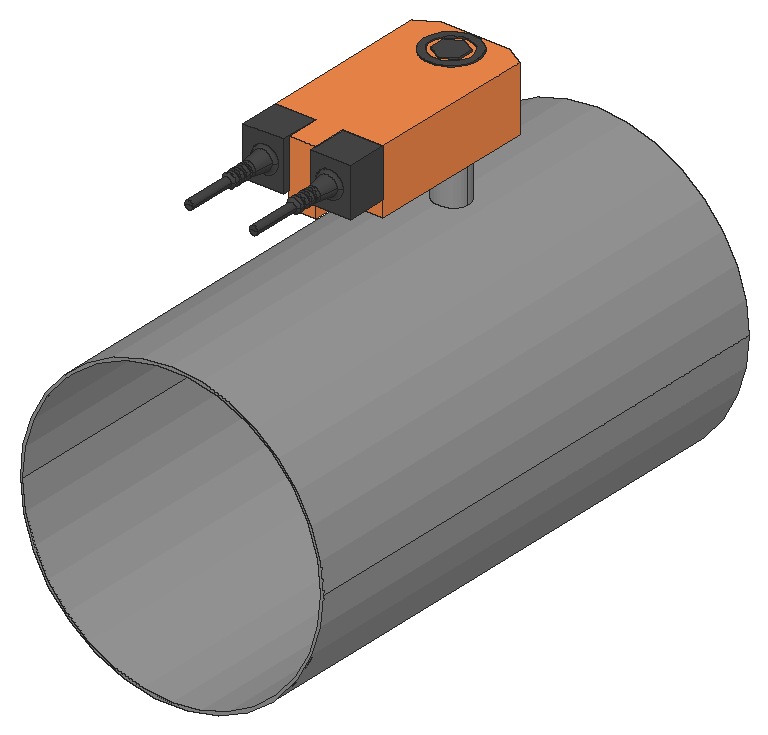
Revit family "Канальный круглый SVK1-НО-ЕI60-MS220 28.08.25", category Арматура воздуховодов, Revit 2022
Family settings
  Размер круглого соединителя = Использовать диаметр
  Тип детали = Вставляется
  На основе рабочей плоскости = Нет
  Всегда вертикально = Да
  При загрузке вырезать с полостями = Нет
  Общий = Да
Parameters (values of type "Клапан противопожарный SVK1-НО-ЕI60-C-225N-GO-H-MS220-0-0")
  Скорость воздуха в живом сечении [instance] = ADSK_Расход воздуха / Площадь живого сечения  # 2.44738 m/s
  Скорость в канале [instance] = ADSK_Расход воздуха / (ADSK_Диаметр условный * ADSK_Диаметр условный * 3.14 / 4)  # 1.39795 m/s
  Привод внутри/снаружи [instance] = yes
  Площадь живого сечения [instance] = 0.0227 m²
  Плотность воздуха [instance] = 1.2000 kg/m³  # constant formula
  Отметка по умолчанию = 0 mm
  Материал привода = Пластмасса,оранжевый
  Материал = Сталь
  КМС [instance] = 0.72
  Длина = 394 mm  # constant formula
  Диаметр = 225 mm
  Д2 = Диаметр - 4 mm  # 221 mm
  Вылет заслонки [instance] = yes
  Ld = 135 mm  # constant formula
  Hd = Диаметр / 2 + 97 mm  # 209.5 mm
  D/2 = Диаметр / 2  # 112.5 mm
  ADSK_Ток = 0.03 A  # constant formula
  ADSK_Расход воздуха [instance] = 200.0 m³/h
  ADSK_Примечание [instance] = ""
  ADSK_Предел огнестойкости = "60"  # constant formula
  ADSK_Потеря давления воздуха [instance] = КМС * ((Плотность воздуха * Скорость в канале * Скорость в канале) / 2)  # 0.844247 Pa
  ADSK_Полная мощность = ADSK_Ток * ADSK_Напряжение  # 6.6 VA
  ADSK_Позиция на схеме [instance] = ""
  ADSK_Позиция [instance] = ""
  ADSK_Обозначение = "SVK1-НО-ЕI60-C-225N-GO-H-MS220-0-0"
  ADSK_Номинальная мощность = 1000 W
  ADSK_Номер стояка [instance] = ""
  ADSK_Напряжение = 220 V  # constant formula
  ADSK_Наименование краткое = "SVK1-НО-ЕI60-MS220"
  ADSK_Наименование = "Противопожарный нормально открытый клапан круглого сечения"  # constant formula
  ADSK_Материал обозначение = ""
  ADSK_Материал наименование = ""
  ADSK_Масса_Текст = "1"
  ADSK_Масса = 1
  ADSK_Марка = "SVK1-НО-ЕI60-MS220"  # constant formula
  ADSK_Коэффициент мощности = 1
  ADSK_Количество фаз числовое = 1  # constant formula
  ADSK_Количество фаз = 1  # constant formula
  ADSK_Количество = 1  # constant formula
  ADSK_Код изделия = "SVK1-НО-ЕI60-MS220"  # constant formula
  ADSK_Классификация нагрузок = ОВК
  ADSK_Завод-изготовитель = "WAER"  # constant formula
  ADSK_Единица измерения = "шт."  # constant formula
  ADSK_Диаметр условный = Диаметр  # 225 mm
  ADSK_URL страницы изделия = ""
  ADSK_URL документации изделия = ""
  0.9D = Диаметр * 0.8 / 2  # 90 mm
Types (10, lengths in mm): name | Скорость воздуха в живом сечении | Скорость в канале | Площадь живого сечения | КМС | Диаметр | Д2 | Hd | D/2 | ADSK_Расход воздуха | ADSK_Потеря давления воздуха | ADSK_Обозначение | ADSK_Номинальная мощность | ADSK_Диаметр условный | 0.9D
  Клапан противопожарный SVK1-НО-ЕI60-C-315N-GO-H-MS220-0-0 | 1.62127 m/s | 1.06986 m/s | 0.0514 m² | 0.26 | 315 | 311 | 254.5 | 157.5 | 300.0 m³/h | 0.178559 Pa | "SVK1-НО-ЕI60-C-315N-GO-H-MS220-0-0" | 1000 W | 315 | 126
  Клапан противопожарный SVK1-НО-ЕI60-C-280N-GO-H-MS220-0-0 | 2.10438 m/s | 1.35404 m/s | 0.0396 m² | 0.34 | 280 | 276 | 237 | 140 | 300.0 m³/h | 0.374021 Pa | "SVK1-НО-ЕI60-C-280N-GO-H-MS220-0-0" | 1000 W | 280 | 112
  Клапан противопожарный SVK1-НО-ЕI60-C-250N-GO-H-MS220-0-0 | 1.88964 m/s | 1.13234 m/s | 0.0294 m² | 0.40 | 250 | 246 | 222 | 125 | 200.0 m³/h | 0.307728 Pa | "SVK1-НО-ЕI60-C-250N-GO-H-MS220-0-0" | 1000 W | 250 | 100
  Клапан противопожарный SVK1-НО-ЕI60-C-225N-GO-H-MS220-0-0 | 2.44738 m/s | 1.39795 m/s | 0.0227 m² | 0.72 | 225 | 221 | 209.5 | 112.5 | 200.0 m³/h | 0.844247 Pa | "SVK1-НО-ЕI60-C-225N-GO-H-MS220-0-0" | 1000 W | 225 | 90
  Клапан противопожарный SVK1-НО-ЕI60-C-200N-GO-H-MS220-0-0 | 6.94444 m/s | 3.53857 m/s | 0.016 m² | 1.03 | 200 | 196 | 197 | 100 | 400.0 m³/h | 7.73828 Pa | "SVK1-НО-ЕI60-C-200N-GO-H-MS220-0-0" | 0 W | 200 | 80
  Клапан противопожарный SVK1-НО-ЕI60-C-180N-GO-H-MS220-0-0 | 4.51671 m/s | 2.1843 m/s | 0.0123 m² | 1.68 | 180 | 176 | 187 | 90 | 200.0 m³/h | 4.80935 Pa | "SVK1-НО-ЕI60-C-180N-GO-H-MS220-0-0" | 1000 W | 180 | 72
  Клапан противопожарный SVK1-НО-ЕI60-C-160N-GO-H-MS220-0-0 | 3.22997 m/s | 1.38225 m/s | 0.0086 m² | 2.32 | 160 | 156 | 177 | 80 | 100.0 m³/h | 2.65959 Pa | "SVK1-НО-ЕI60-C-160N-GO-H-MS220-0-0" | 1000 W | 160 | 64
  Клапан противопожарный SVK1-НО-ЕI60-C-140N-GO-H-MS220-0-0 | 4.2735 m/s | 1.80539 m/s | 0.0065 m² | 2.53 | 140 | 136 | 167 | 70 | 100.0 m³/h | 4.94784 Pa | "SVK1-НО-ЕI60-C-140N-GO-H-MS220-0-0" | 1000 W | 140 | 56
  Клапан противопожарный SVK1-НО-ЕI60-C-125N-GO-H-MS220-0-0 | 11.1111 m/s | 4.52937 m/s | 0.005 m² | 2.68 | 125 | 121 | 159.5 | 62.5 | 200.0 m³/h | 32.9884 Pa | "SVK1-НО-ЕI60-C-125N-GO-H-MS220-0-0" | 1000 W | 125 | 50
  Клапан противопожарный SVK1-НО-ЕI60-C-100N-GO-H-MS220-0-0 | 6.94444 m/s | 3.53857 m/s | 0.004 m² | 2.85 | 100 | 96 | 147 | 50 | 100.0 m³/h | 21.4117 Pa | "SVK1-НО-ЕI60-C-100N-GO-H-MS220-0-0" | 1000 W | 100 | 40
Reference planes
  plane 1 "По центру (Вперед/Назад)": y = 0
  plane 2: z = 0
  plane 3 "По центру (Влево/Вправо)": x = 0
  plane 4: y = 197
  plane 5: y = -197
  plane 6: y = -187
  plane 7: y = 187
  plane 8: z = 160.5
  plane 9: z = 209.5
  plane 10 "заслонка": y = 62
  plane 11: z = 90
Forms (mm)
  Extrusion 1, solid, material "Сталь" <- "Материал", detail levels medium+fine
    sketch origin (0, 0, 0) x (1, 0, 0) y (0, 0, 1)
      loop
        circle (0, 0) r 112.5
      loop
        circle (0, 0) r 110.5
    from -197 to 197
  Extrusion 2, solid, material "Сталь" <- "Материал", detail levels medium+fine
    sketch origin (0, 0, 0) x (1, 0, 0) y (0, 1, 0)
      loop
        circle (0, 62) r 12.5
    from 90 to 160.5
  Extrusion 3, solid, visible <- "Вылет заслонки", detail levels medium+fine
    sketch origin (0, 0, 0) x (0, 1, 0) y (0, 0, 1)
      loop
        circle (62, 0) r 110.5
    from -3 to 3
Dimensions and locks
  equal spacing: plane 4, plane 1 "По центру (Вперед/Назад)", plane 5
  "Длина": plane 4 to plane 5
  equal spacing: plane 7, plane 1 "По центру (Вперед/Назад)", plane 6
  plane 4 to plane 7 = 10 mm
  locked: plane 9 to plane 8 at 49
  plane 4 to plane 10 "заслонка" = 135 mm
  "0.9D": plane 11 to level
  "Hd": plane 9 to level
  "Ld": plane 10 "заслонка" to plane 4
  "Диаметр": diameter of Extrusion 1 sketch curve
  "Д2": diameter of Extrusion 1 sketch curve
  diameter of Extrusion 2 sketch curve = 25 mm
  "Д2": diameter of Extrusion 3 sketch curve
  aligned and locked: level to plane 2
  aligned and locked: Extrusion 1 to plane 4
  aligned and locked: plane 5 to Extrusion 1
  aligned and locked: plane 3 "По центру (Влево/Вправо)" to nested 1
  aligned and locked: plane 1 "По центру (Вперед/Назад)" to nested 1
  aligned and locked: plane 3 "По центру (Влево/Вправо)" to Extrusion 1 sketch curve
  aligned and locked: level to Extrusion 1 sketch curve
  aligned and locked: plane 9 to nested 2
  aligned and locked: nested 2 to plane 3 "По центру (Влево/Вправо)"
  aligned and locked: nested 2 to plane 10 "заслонка"
  aligned and locked: plane 3 "По центру (Влево/Вправо)" to Extrusion 2 sketch curve
  aligned and locked: Extrusion 2 to plane 11
  aligned and locked: plane 8 to Extrusion 2
  aligned and locked: plane 10 "заслонка" to Extrusion 2 sketch curve
Automatic sketch dimensions
  Extrusion 1 sketch curve to Extrusion 1 sketch curve = 0 mm  (x2)
  Extrusion 3 sketch curve to level = 0 mm
  Extrusion 3 sketch curve to plane 10 "заслонка" = 0 mm
Nested families
  nested 1: "УГО Дымовой и противопожарный клапан" at (0, 0, 0), type "УГО Дымовой и противопожарный клапан", detail levels coarse
  nested 2: "Электропривод" at (0, 62, 161.5) x (-1, 0, 0) z (0, 0, 1), visible <- "Привод внутри/снаружи", type "MS220", detail levels medium+fine
    with ADSK_Примечание "", ADSK_Позиция ""
Connectors
  hvac at (0, -197, 0), driven by "Диаметр", driven by "ADSK_Потеря давления воздуха", driven by "ADSK_Расход воздуха"
    settings: on Extrusion 1, index 1, duct flow 200.0 m³/h, flow factor 0, pres drop 0.844247 Pa, loss coef 0, conn angle 0.00°, conn width 304.8 mm, conn height 304.8 mm, conn diameter 225 mm, duct sys type 29, conn prof type 0, flow config 0, flow direction 0, loss method 4, conn ref index 2, conn util no, is conn primary yes, conn desc ""
  hvac at (0, 197, 0), driven by "Диаметр", driven by "ADSK_Потеря давления воздуха", driven by "ADSK_Расход воздуха"
    settings: on Extrusion 1, index 2, duct flow 200.0 m³/h, flow factor 0, pres drop 0.844247 Pa, loss coef 0, conn angle 0.00°, conn width 304.8 mm, conn height 304.8 mm, conn diameter 225 mm, duct sys type 29, conn prof type 0, flow config 0, flow direction 0, loss method 4, conn ref index 1, conn util no, is conn primary no, conn desc ""
  electrical at (24, -81, 191.5)
    settings: on nested 2, index 3, voltage 0 V, apparent load 0 VA, apparent load phase1 0 VA, apparent load phase2 0 VA, apparent load phase3 0 VA, power factor 1, load classification "Прочее", number of poles 1, system type 13, power factor state 1, is connector primary yes, connector utility no, sub classification motor no, connector description ""
Definition of nested family "Электропривод"
  Parameters (values of type "BFL24")
    Ширина центра = 50 mm
    Соединение = "1 м, 2 × 0,75 мм2"
    Default Elevation = 0 mm
    Description = "с пружинным возвратом/конденсатором"  # constant formula
    Межосевое подключение = 48 mm
    Корпус_x = none
    Клеммы = none
    Звездочка = Высота + 1 mm  # 49 mm
    Длина корпуса = 160 mm
    ГШ = 80 mm
    Высота = 48 mm
    Выс подкл = Высота - 18 mm  # 30 mm
    ADSK_Ток = 8.3 A
    ADSK_Примечание [instance] = ""
    ADSK_Предел огнестойкости = ""
    ADSK_Полная мощность = 4 VA
    ADSK_Позиция [instance] = ""
    ADSK_Обозначение = ""
    ADSK_Номинальная мощность = 2.5 W
    ADSK_Напряжение = 24 V
    ADSK_Наименование краткое = ""
    ADSK_Наименование = ""
    ADSK_Материал обозначение = ""
    ADSK_Материал наименование = ""
    ADSK_Масса_Текст = "1,1 кг"
    ADSK_Масса = 1.1  # constant formula
    ADSK_Марка = "BFL24"  # constant formula
    ADSK_Коэффициент мощности = 1
    ADSK_Количество фаз числовое = 1
    ADSK_Количество фаз = 1
    ADSK_Количество = 1  # constant formula
    ADSK_Код изделия = "BFL24"  # constant formula
    ADSK_Классификация нагрузок = none
    ADSK_Завод-изготовитель = "BELIMO"  # constant formula
    ADSK_Единица измерения = "шт."  # constant formula
    ADSK_URL страницы изделия = ""
    ADSK_URL документации изделия = ""
  Types (2, lengths in mm): name | ADSK_Ток | ADSK_Полная мощность | ADSK_Номинальная мощность | ADSK_Напряжение
    BFL230 | 4 A | 6.5 VA | 3 W | 230 V
    BFL24 | 8.3 A | 4 VA | 2.5 W | 24 V
  Reference planes
    plane 1 "По центру (Вперед/Назад)": y = 0
    plane 2: z = 0
    plane 3 "По центру (Влево/Вправо)": x = 0
    plane 4: y = -22
    plane 5: y = 138
    plane 6: x = -40
    plane 7: x = 40
    plane 8: x = -25
    plane 9: x = 25
    plane 10: y = 113
    plane 11: x = -40
    plane 12: x = 40
    plane 13: y = 143
    plane 14: z = 12
    plane 15: x = -24
    plane 16: x = 24
    plane 17: y = 213
    plane 18: y = 158
    plane 19: y = 178
    plane 20: y = 213
    plane 21: y = 158
    plane 22: y = 178
    plane 23: z = 30
  Forms (mm)
    Extrusion 1, solid, material <- "Корпус_x"
      sketch origin (0, 0, 0) x (1, 0, 0) y (0, 1, 0)
        loop
          line (-25, -22) -> (25, -22) -> (40, -13.34) -> (40, 113) -> (10, 113) -> (10, 138) -> (-10, 138) -> (-10, 113) -> (-40, 113) -> (-40, -13.34) -> (-25, -22)
      from 0 to 48 <- "Высота"
    Extrusion 2, solid, material <- "Клеммы"
      sketch origin (0, 0, 0) x (1, 0, 0) y (0, 1, 0)
        loop
          line (-40, 143) -> (-40, 113) -> (-10, 113) -> (-10, 143) -> (-40, 143)
        loop
          line (10, 143) -> (10, 113) -> (40, 113) -> (40, 143) -> (10, 143)
      from 12 to 48
    Extrusion 3, solid, material <- "Клеммы", detail levels fine
      sketch origin (0, 0, 0) x (1, 0, 0) y (0, 1, 0)
        loop
          circle (0, 0) r 20
        loop
          circle (0, 0) r 15
        loop
          line (10.43, -6.022) -> (10.43, 6.022) -> (0, 12.043) -> (-10.43, 6.022) -> (-10.43, -6.022) -> (0, -12.043) -> (10.43, -6.022)
      from 48 <- "Высота" to 49 <- "Звездочка"
    Revolve 4, solid, material <- "Клеммы"
      sketch origin (-101.895, -1524, 30) x (-1, 0, 0) y (0, -1, 0)
        loop
          line (-77.895, -1667) -> (-77.895, -1737) -> (-74.82, -1737) -> (-74.82, -1702) -> (-72.813, -1699.633) -> (-72.813, -1697.089) -> (-74.82, -1697.089) -> (-74.82, -1694.582) -> (-72.813, -1694.582) -> (-72.813, -1692.082) -> (-74.82, -1692.082) -> (-74.82, -1689.54) -> (-72.813, -1689.54) -> (-72.813, -1686.997) -> (-74.82, -1686.997) -> (-74.82, -1684.455) -> (-72.813, -1684.455) -> (-72.813, -1682) -> (-70.754, -1669.002)
          arc (-70.754, -1669.002) -> (-69.64, -1667.55) -> (-67.895, -1667) r 3.043
          line (-67.895, -1667) -> (-77.895, -1667)
        axis (-77.895, -1737) -> (-77.895, -1667)
      angle from 0 to 360
    Revolve 5, solid, material <- "Клеммы"
      sketch origin (-101.895, -1524, 30) x (-1, 0, 0) y (0, -1, 0)
        loop
          line (-125.895, -1667) -> (-125.895, -1737) -> (-122.82, -1737) -> (-122.82, -1702) -> (-120.813, -1699.633) -> (-120.813, -1697.089) -> (-122.82, -1697.089) -> (-122.82, -1694.582) -> (-120.813, -1694.582) -> (-120.813, -1692.082) -> (-122.82, -1692.082) -> (-122.82, -1689.54) -> (-120.813, -1689.54) -> (-120.813, -1686.997) -> (-122.82, -1686.997) -> (-122.82, -1684.455) -> (-120.813, -1684.455) -> (-120.813, -1682) -> (-118.754, -1669.002)
          arc (-118.754, -1669.002) -> (-117.64, -1667.55) -> (-115.895, -1667) r 3.043
          line (-115.895, -1667) -> (-125.895, -1667)
        axis (-125.895, -1737) -> (-125.895, -1667)
      angle from 0 to 360
  Dimensions and locks
    plane 4 to plane 1 "По центру (Вперед/Назад)" = 22 mm
    "Длина корпуса": plane 5 to plane 4
    equal spacing: plane 6, plane 3 "По центру (Влево/Вправо)", plane 7
    "ГШ": plane 6 to plane 7
    equal spacing: plane 8, plane 3 "По центру (Влево/Вправо)", plane 9
    "Ширина центра": plane 8 to plane 9
    plane 5 to plane 10 = 25 mm
    plane 13 to Extrusion 1 = 30 mm
    equal spacing: plane 11, plane 3 "По центру (Влево/Вправо)", plane 12
    "ГШ": plane 11 to plane 12
    Extrusion 1 to plane 14 = 36 mm
    equal spacing: plane 15, plane 3 "По центру (Влево/Вправо)", plane 16
    "Межосевое подключение": plane 15 to plane 16
    plane 17 to Extrusion 2 = 70 mm
    Extrusion 1 to plane 18 = 180 mm
    plane 17 to plane 19 = 35 mm
    plane 20 to plane 22 = 35 mm
    "Выс подкл": plane 23 to level
    angle plane 4 to Extrusion 1 sketch curve = 30.00°
    angle Extrusion 1 sketch curve to plane 4 = 30.00°
    aligned and locked: level to plane 2
    aligned and locked: Extrusion 1 sketch curve to plane 4
    aligned and locked: plane 7 to Extrusion 1 sketch curve  (x2)
    aligned and locked: plane 6 to Extrusion 1 sketch curve  (x2)
    aligned and locked: Extrusion 1 sketch curve to plane 10
    aligned and locked: plane 10 to Extrusion 1 sketch curve  (x3)
    aligned and locked: plane 5 to Extrusion 1 sketch curve  (x2)
    aligned and locked: Extrusion 2 sketch curve to plane 13  (x2)
    aligned and locked: plane 11 to Extrusion 2 sketch curve
    aligned and locked: Extrusion 2 sketch curve to Extrusion 1  (x2)
    aligned and locked: Extrusion 2 sketch curve to plane 12
    aligned and locked: Extrusion 2 to plane 14
    aligned and locked: Extrusion 2 to Extrusion 1
    aligned and locked: Extrusion 2 to Revolve 4 sketch curve
    aligned and locked: plane 15 to Revolve 4 sketch curve
    aligned and locked: Revolve 4 sketch curve to plane 17
    aligned and locked: plane 19 to Revolve 4 sketch curve
    aligned and locked: plane 18 to Revolve 4 sketch curve
    aligned and locked: Revolve 4 sketch curve to plane 15
    aligned and locked: Revolve 5 sketch curve to plane 20
    aligned and locked: plane 22 to Revolve 5 sketch curve
    aligned and locked: plane 21 to Revolve 5 sketch curve
  Automatic sketch dimensions
    Extrusion 3 sketch curve to Extrusion 3 sketch curve = 0 mm  (x2)
    Extrusion 3 sketch curve to plane 3 "По центру (Влево/Вправо)" = 0 mm  (x3)
    plane 1 "По центру (Вперед/Назад)" to Extrusion 3 sketch curve = 0 mm
    Extrusion 3 sketch curve to plane 3 "По центру (Влево/Вправо)" = 10.43 mm
    plane 3 "По центру (Влево/Вправо)" to Extrusion 3 sketch curve = 10.43 mm
    plane 1 "По центру (Вперед/Назад)" to Extrusion 3 sketch curve = 6.022 mm  (x2)
    plane 1 "По центру (Вперед/Назад)" to Extrusion 3 sketch curve = 12.043 mm
    Extrusion 3 sketch curve to plane 1 "По центру (Вперед/Назад)" = 6.022 mm  (x2)
    Extrusion 3 sketch curve to Extrusion 3 sketch curve = 6.022 mm
    Revolve 4 sketch curve to Revolve 4 sketch curve = 3.075 mm
    Revolve 4 sketch curve to plane 15 = 3.075 mm  (x2)
    Revolve 4 sketch curve to Revolve 4 sketch curve = 0 mm
    Revolve 4 sketch curve to Revolve 4 sketch curve = 2.007 mm  (x4)
    Revolve 4 sketch curve to plane 15 = 7.141 mm
    Revolve 4 sketch curve to Revolve 4 sketch curve = 2.859 mm
    Revolve 4 sketch curve to plane 19 = 2.367 mm
    Revolve 4 sketch curve to Revolve 4 sketch curve = 2.544 mm
    Revolve 4 sketch curve to Revolve 4 sketch curve = 2.507 mm
    Revolve 4 sketch curve to Revolve 4 sketch curve = 2.5 mm
    Revolve 4 sketch curve to Revolve 4 sketch curve = 2.542 mm  (x2)
    plane 18 to Revolve 4 sketch curve = 2.455 mm
    Revolve 4 sketch curve to Revolve 4 sketch curve = 3.043 mm
    Revolve 4 sketch curve to Revolve 4 sketch curve = 10.122 mm
    Revolve 4 sketch curve to Revolve 4 sketch curve = 41.798 mm
    Revolve 5 sketch curve to plane 16 = 0 mm  (x2)
    Revolve 5 sketch curve to Revolve 5 sketch curve = 3.075 mm
    Revolve 5 sketch curve to plane 16 = 3.075 mm  (x2)
    Revolve 5 sketch curve to Revolve 5 sketch curve = 0 mm
    Revolve 5 sketch curve to Revolve 5 sketch curve = 2.007 mm  (x4)
    Revolve 5 sketch curve to plane 16 = 7.141 mm
    Revolve 5 sketch curve to Revolve 5 sketch curve = 2.859 mm
    Revolve 5 sketch curve to plane 22 = 2.367 mm
    Revolve 5 sketch curve to Revolve 5 sketch curve = 2.544 mm
    Revolve 5 sketch curve to Revolve 5 sketch curve = 2.507 mm
    Revolve 5 sketch curve to Revolve 5 sketch curve = 2.5 mm
    Revolve 5 sketch curve to Revolve 5 sketch curve = 2.542 mm  (x2)
    plane 21 to Revolve 5 sketch curve = 2.455 mm
    Revolve 5 sketch curve to plane 21 = 11.957 mm
    Revolve 5 sketch curve to Revolve 5 sketch curve = 1.041 mm
    Revolve 5 sketch curve to Revolve 5 sketch curve = 10.122 mm
    Revolve 5 sketch curve to Revolve 5 sketch curve = 41.798 mm
    Extrusion 1 sketch curve to plane 8 = 0 mm
    Extrusion 1 sketch curve to plane 9 = 0 mm
    Extrusion 1 sketch curve to plane 3 "По центру (Влево/Вправо)" = 10 mm
    plane 3 "По центру (Влево/Вправо)" to Extrusion 1 sketch curve = 10 mm
    Extrusion 2 sketch curve to plane 3 "По центру (Влево/Вправо)" = 10 mm
    plane 3 "По центру (Влево/Вправо)" to Extrusion 2 sketch curve = 10 mm
    radius of Extrusion 3 sketch curve = 20 mm
    radius of Extrusion 3 sketch curve = 15 mm
Definition of nested family "УГО Дымовой и противопожарный клапан"
  Parameters (values of type "УГО Дымовой и противопожарный клапан")
    Ширина = 560 mm
    Угол = atan(Высота / Ширина)  # 32.0054°
    Рад = Д / 2  # 43.75 mm
    Отступ2 = Рад / cos(Угол)  # 51.592 mm
    Отступ1 = Рад / sin(Угол)  # 82.547 mm
    Default Elevation = 0 mm
    Д = Высота * 0.25  # 87.5 mm
    Высота = 350 mm
  Reference planes
    plane 1 "По центру (Вперед/Назад)": y = 0
    plane 2: z = 0
    plane 3 "По центру (Влево/Вправо)": x = 0
    plane 4: x = -280
    plane 5: y = -175
    plane 6: x = 280
    plane 7: y = 175
    plane 8: x = 197.453
    plane 9: x = -197.453
    plane 10: y = 123.408
    plane 11: y = -123.408
  Lines and regions (mm)
    model lines
      curve 1: line (-280, 175, 0) -> (280, 175, 0)
      curve 2: line (-280, -175, 0) -> (-280, 175, 0)
      curve 3: line (280, -175, 0) -> (-280, -175, 0)
      curve 4: line (280, 175, 0) -> (280, -175, 0)
      curve 5: circle (0, 0, 0) r 43.75 normal (0, 0, 1)
      curve 6: line (-280, 175, 0) -> (280, -175, 0)
      curve 7: line (197.453, -175, 0) -> (-280, 123.408, 0)
      curve 8: line (280, -123.408, 0) -> (-197.453, 175, 0)
  Dimensions and locks
    equal spacing: plane 7, plane 1 "По центру (Вперед/Назад)", plane 5
    equal spacing: plane 4, plane 3 "По центру (Влево/Вправо)", plane 6
    "Ширина": plane 4 to plane 6
    "Высота": plane 7 to plane 5
    "Отступ1": plane 8 to plane 6
    "Отступ2": plane 7 to plane 10
    "Отступ2": plane 11 to plane 5
    "Отступ1": plane 4 to plane 9
    "Д": diameter of curve 5
    aligned and locked: level to plane 2
    aligned and locked: curve 1 to plane 7
    aligned and locked: plane 4 to curve 2
    aligned and locked: plane 5 to curve 3
    aligned and locked: curve 4 to plane 6
    aligned and locked: plane 3 "По центру (Влево/Вправо)" to curve 5
    aligned and locked: plane 1 "По центру (Вперед/Назад)" to curve 5
  Automatic sketch dimensions
    curve 8 to plane 9 = 0 mm
    curve 7 to plane 8 = 0 mm
    curve 8 to plane 11 = 0 mm
    curve 7 to plane 10 = 0 mm
